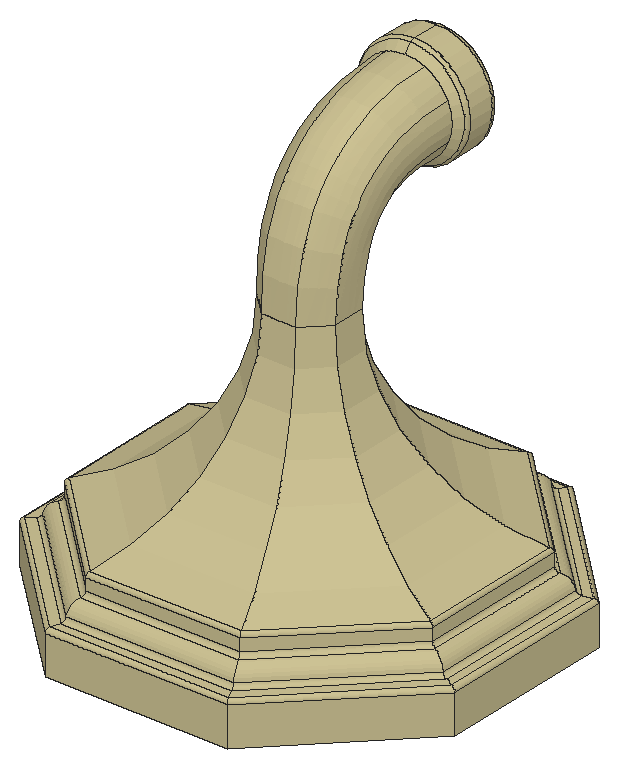
Revit family "Accessory-Robe_Hook-KALLISTA-For_Town-P31006", category Specialty Equipment, host Face, Revit 2022
Family settings
  Host = Face
  Round Connector Dimension = Use Diameter
  Part Type = Normal
  OmniClass Number = 23.31.25.00
  Cut with Voids When Loaded = No
  Maintain Annotation Orientation = No
  Shared = No
  Room Calculation Point = No
Parameters (values of type "ULB-Unlaquered Brass")
  Width = 2 177/256"  # constant formula
  WaterSense Certified = 1 = 0  # no
  URL = "https://www.kallista.com/"
  Type = 4
  Product Page URL = ""
  Product Name = "For Town"  # constant formula
  Product Documentation Link = "https://techcomm.kohler.com/techcomm/pdf/P31006-00_spec_US-CA_Kallista_en.pdf"
  Model = if(Type = 1, "P31006-00-AD", if(Type = 2, "P31006-00-CP", if(Type = 3, "P31006-00-AG", if(Type = 4, "P31006-00-ULB", "NA"))))  # "P31006-00-ULB"
  Material = "Premium Metal Construction"  # constant formula
  Master Format 2014 Name = "Toilet, Bath, and Laundry Accessories"  # constant formula
  Master Format 2014 = "10 28 00"  # constant formula
  Manufacturer Address = "444 Highland Dr, Kohler, WI 53044"  # constant formula
  Manufacturer = "Kallista Co."  # constant formula
  Length = 2 153/256"  # constant formula
  Height = 2 153/256"  # constant formula
  Finish = Kallista-Metal-ULB-Unlaquered_Brass
  Environmental Product Declaration = ""
  Description = "Hook"  # constant formula
  Default Elevation = 42"
  Declare Label = ""
  Date Modified = "05/18/2025"  # constant formula
  Date Created = "05/18/2025"  # constant formula
  Copyright = "Copyright Kallista Co."  # constant formula
  Contact Us = "https://www.kallista.com/corporate/contact-us/"
  Assembly Code = "C1030200"
  ADA Compliant = 1 = 0  # no
Types (5): name | Type | Product Page URL | Model | Finish
  (no name) | 4 | "" | "P31006-00-ULB" | Kallista-Metal-ULB-Unlaquered_Brass
  AD-Nickel Silver | 1 | "https://www.kallista.com/products/luxury-bathroom/accessories/hooks/for-town-hook-p31006-00/ad-nickel-silver" | "P31006-00-AD" | Kallista-Metal-AD-Nickel_Silver
  CP-Chrome | 2 | "https://www.kallista.com/products/luxury-bathroom/accessories/hooks/for-town-hook-p31006-00/cp-polished-chrome" | "P31006-00-CP" | Kallista-Metal-CP-Chrome
  AG-Brushed Nickel | 3 | "" | "P31006-00-AG" | Kallista-Metal-AG-Brushed_Nickel
  ULB-Unlaquered Brass | 4 | "" | "P31006-00-ULB" | Kallista-Metal-ULB-Unlaquered_Brass
Reference planes (in)
  plane 1 "Center (Front/Back)": y = 0
  plane 2: z = 0
  plane 3 "Center (Left/Right)": x = 0
  plane 4: x = -1.29921
  plane 5: x = 1.29844
  plane 6: y = 1.29844
  plane 7: y = -1.29921
  plane 8: through (-0.23584, 0.06265, 48) normal (0.9999, 0.0144, 0)
  plane 9: through (0.23703, 0.07049, 48) normal (0.9998, 0.0188, 0)
  plane 10: z = 2.69141
  plane 11: z = 2.3622
Dimensions and locks (in)
  "Height": plane 7 to plane 6
  "Length": plane 4 to plane 5
  "Width": plane 10 to level
  plane 11 to level = 2.3622"
  plane 1 "Center (Front/Back)" to plane 7 = 1.29921"
  plane 6 to plane 7 = 2 153/256"
  plane 1 "Center (Front/Back)" to plane 6 = 1.29844"
  aligned and locked: plane 2 to host face
  aligned and locked: level to host face
Automatic sketch dimensions
  host sketch curve to host sketch curve = 96"  (x2)
Nested families (in)
  nested 1: "P31006" at (0, 0, 0) x (1, 0, 0) z (0, 1, 0), type "P31006"
Definition of nested family "P31006"
  Parameters
    Material = none
    Default Elevation = 48"
  Reference planes (in)
    plane 1 "Center (Front/Back)": y = 0
    plane 2: z = 0
    plane 3 "Center (Left/Right)": x = 0
    plane 4: x = -1.29921
    plane 5: x = 1.29921
    plane 6: z = 1.29921
    plane 7: z = -1.29921
    plane 8: y = -2.69291
    plane 9: y = -2.3622
    plane 10: x = 0
  Forms (in)
    Sweep 1, solid, material <- "Material", detail levels medium+fine
      path origin (0, 0, 0) x (1, 0, 0) y (0, 0, 1)
        loop
          line (-1.29921, 0.54134) -> (-1.29921, -0.54051) -> (-0.54051, -1.29921) -> (0.54524, -1.29921) -> (1.29921, -0.54524) -> (1.29921, 0.52679) -> (0.52679, 1.29921) -> (-0.54134, 1.29921) -> (-1.29921, 0.54134)
      profile origin (1.29921, 0, -0.00923) x (0, -1, 0) y (1, 0, 0)
        loop
          line (0, 0) -> (0, -1.13945) -> (1.63015, -1.13945) -> (1.63015, -1.06283)
          arc (1.63015, -1.06283) -> (0.9271, -0.82573) -> (0.49958, -0.21933) r 1.19479
          arc (0.49958, -0.21933) -> (0.48927, -0.20479) -> (0.47235, -0.19922) r 0.02849
          line (0.47235, -0.19922) -> (0.40043, -0.19922)
          arc (0.40043, -0.19922) -> (0.3812, -0.19246) -> (0.37042, -0.17515) r 0.03074
          arc (0.37042, -0.17515) -> (0.34151, -0.12542) -> (0.28921, -0.10147) r 0.09503
          arc (0.28921, -0.10147) -> (0.2717, -0.09279) -> (0.2635, -0.07506) r 0.02941
          line (0.2635, -0.07506) -> (0.2586, -0.02345)
          arc (0.2586, -0.02345) -> (0.25024, -0.00674) -> (0.23281, 0) r 0.0259
          line (0.23281, 0) -> (0, 0)
    SweptBlend 2, solid, material <- "Material"
      path origin (0, 0, 0) x (0, 1, 0) y (0, 0, 1)
        loop
          spline (-1.63015, 0.00041) -> (-1.74674, 0.00526) -> (-1.85319, 0.01996) -> (-1.9495, 0.04449) -> (-2.03567, 0.07886) -> (-2.11171, 0.12308) -> (-2.1776, 0.17713) -> (-2.23336, 0.24103) -> (-2.27899, 0.31477) -> (-2.31447, 0.39834) -> (-2.33981, 0.49176) -> (-2.35502, 0.59502) -> (-2.36009, 0.70812)
      profile origin (0, -1.63015, 0.00041) x (0, 0.000566, -1) y (1, 0, 0)
        loop
          line (-0.08613, 0.23638) -> (-0.23596, 0.08655) -> (-0.23596, -0.1011) -> (-0.10068, -0.23638) -> (0.10068, -0.23638) -> (0.23679, -0.10027) -> (0.23679, 0.105) -> (0.10541, 0.23638) -> (-0.08613, 0.23638)
      end profile origin (0, -2.36009, 0.70812) x (0, -1, 0) y (1, 0, 0)
        loop
          arc (-0.10286, -0.25787) -> (0.03431, -0.2755) -> (0.16296, -0.22477) r 0.27763
          arc (0.16296, -0.22477) -> (0.21562, -0.17489) -> (0.25356, -0.11307) r 0.27763
          arc (0.25356, -0.11307) -> (0.27762, 0.00174) -> (0.25212, 0.11624) r 0.27763
          arc (0.25212, 0.11624) -> (0.19671, 0.19592) -> (0.11725, 0.25165) r 0.27763
          arc (0.11725, 0.25165) -> (0.00468, 0.27759) -> (-0.1087, 0.25547) r 0.27763
          arc (-0.1087, 0.25547) -> (-0.18863, 0.2037) -> (-0.24638, 0.12797) r 0.27763
          arc (-0.24638, 0.12797) -> (-0.27728, -0.01397) -> (-0.23226, -0.15209) r 0.27763
          arc (-0.23226, -0.15209) -> (-0.17571, -0.21495) -> (-0.10286, -0.25787) r 0.27763
    Revolve 3, solid, material <- "Material", detail levels medium+fine
      sketch origin (0, 0, 0) x (0, 1, 0) y (0, 0, 1)
        loop
          line (-2.36009, 0.70197) -> (-2.36009, 1.13216) -> (-2.67537, 0.97217)
          arc (-2.67537, 0.97217) -> (-2.68818, 0.96036) -> (-2.69291, 0.94359) r 0.03205
          line (-2.69291, 0.94359) -> (-2.69291, 0.77982)
          arc (-2.69291, 0.77982) -> (-2.68988, 0.76457) -> (-2.68124, 0.75165) r 0.03984
          line (-2.68124, 0.75165) -> (-2.63157, 0.70197) -> (-2.36009, 0.70197)
        axis (-2.36009, 1.13216) -> (-2.36009, 0.70197)
      angle from 0 to 360
    Extrusion 4, solid, material <- "Material", detail levels medium+fine
      sketch origin (0, 0, 0) x (1, 0, 0) y (0, 0, 1)
        loop
          line (0.05481, 0.15976) -> (-0.06936, 0.15976) -> (-0.15976, 0.06936) -> (-0.15976, -0.06854) -> (-0.06854, -0.15976) -> (0.07327, -0.15976) -> (0.15976, -0.07327) -> (0.15976, 0.05481) -> (0.05481, 0.15976)
      from 0 to 1.63015
    Extrusion 5, void
      sketch origin (0, 0, 0) x (1, 0, 0) y (0, 1, 0)
        loop
          circle (0.00089, -0.12479) r 0.06607
      from 1.24928 to 1.34217
    Extrusion 6, solid, detail levels medium+fine
      sketch origin (0, 0, 0) x (1, 0, 0) y (0, 1, 0)
        loop
          circle (0.00089, -0.12479) r 0.06214
        loop
          line (0.00089, -0.16584) -> (0.03643, -0.14532) -> (0.03643, -0.10427) -> (0.00089, -0.08375) -> (-0.03466, -0.10427) -> (-0.03466, -0.14532) -> (0.00089, -0.16584)
      from 1.24928 to 1.29921
    Sweep 7, solid, material <- "Material", detail levels coarse
      path origin (0, 0, 0) x (1, 0, 0) y (0, 0, 1)
        loop
          line (-1.29921, 0.54134) -> (-1.29921, -0.54051) -> (-0.54051, -1.29921) -> (0.54524, -1.29921) -> (1.29921, -0.54524) -> (1.29921, 0.52679) -> (0.52679, 1.29921) -> (-0.54134, 1.29921) -> (-1.29921, 0.54134)
      profile origin (1.29921, 0, -0.00923) x (0, -1, 0) y (1, 0, 0)
        loop
          line (0, 0) -> (0, -1.13945) -> (1.63015, -1.13945) -> (1.63015, -1.06283) -> (0.48186, -0.19922) -> (0.37443, -0.19922) -> (0.37443, -0.10134) -> (0.2635, -0.10134) -> (0.2635, 0) -> (0, 0)
    Revolve 8, solid, material <- "Material", detail levels coarse
      sketch origin (0, 0, 0) x (0, 1, 0) y (0, 0, 1)
        loop
          line (-2.36009, 0.70197) -> (-2.36009, 1.13216) -> (-2.41834, 1.12056) -> (-2.69291, 0.96204) -> (-2.69291, 0.76332) -> (-2.63157, 0.70197) -> (-2.36009, 0.70197)
        axis (-2.36009, 1.13216) -> (-2.36009, 0.70197)
      angle from 0 to 360
  Cuts and joins
    Extrusion 5 cuts Sweep 1
    joined: Sweep 1, Extrusion 4
  Lines and regions (in)
    Masking region 1
      outline origin (0, 0, 0) x (1, 0, 0) y (0, 1, 0)
        loop
          arc (0.23638, -1.63019) -> (0.47347, -0.92712) -> (1.07988, -0.49958) r 1.19479
          arc (1.07988, -0.49958) -> (1.09442, -0.48927) -> (1.1, -0.47235) r 0.02849
          line (1.1, -0.47235) -> (1.1, -0.40043)
          arc (1.1, -0.40043) -> (1.10675, -0.3812) -> (1.12406, -0.37042) r 0.03074
          arc (1.12406, -0.37042) -> (1.17379, -0.34151) -> (1.19774, -0.28921) r 0.09503
          arc (1.19774, -0.28921) -> (1.20642, -0.2717) -> (1.22416, -0.2635) r 0.02941
          line (1.22416, -0.2635) -> (1.27576, -0.2586)
          arc (1.27576, -0.2586) -> (1.29247, -0.25024) -> (1.29921, -0.23281) r 0.0259
          line (1.29921, -0.23281) -> (1.29921, 0) -> (-1.29921, 0) -> (-1.29921, -0.23281)
          arc (-1.29921, -0.23281) -> (-1.29247, -0.25024) -> (-1.27576, -0.2586) r 0.0259
          line (-1.27576, -0.2586) -> (-1.22416, -0.2635)
          arc (-1.22416, -0.2635) -> (-1.20642, -0.2717) -> (-1.19774, -0.28921) r 0.02941
          arc (-1.19774, -0.28921) -> (-1.17379, -0.34151) -> (-1.12406, -0.37042) r 0.09503
          arc (-1.12406, -0.37042) -> (-1.10675, -0.3812) -> (-1.1, -0.40043) r 0.03074
          line (-1.1, -0.40043) -> (-1.1, -0.47235)
          arc (-1.1, -0.47235) -> (-1.09442, -0.48927) -> (-1.07988, -0.49958) r 0.02849
          arc (-1.07988, -0.49958) -> (-0.47347, -0.92712) -> (-0.23638, -1.63019) r 1.19479
          line (-0.23638, -1.63019) -> (-0.24528, -2.14038)
          arc (-0.24528, -2.14038) -> (0, -2.69291) -> (0.24528, -2.14038) r 0.33071
          line (0.24528, -2.14038) -> (0.23638, -1.63019)
    Masking region 2
      outline origin (0, 0, 0) x (1, 0, 0) y (0, 0, 1)
        loop
          line (-1.29921, 0.54134) -> (-1.29921, -0.54051) -> (-0.54051, -1.29921) -> (0.54524, -1.29921) -> (1.29921, -0.54524) -> (1.29921, 0.52679) -> (0.52679, 1.29921) -> (-0.54134, 1.29921) -> (-1.29921, 0.54134)
    Masking region 3
      outline origin (0, 0, 0) x (0, 1, 0) y (0, 0, 1)
        loop
          arc (-1.63015, 0.23638) -> (-1.81488, 0.26327) -> (-1.98275, 0.34494) r 0.60801
          arc (-1.98275, 0.34494) -> (-2.0741, 0.51514) -> (-2.08246, 0.70812) r 0.43358
          line (-2.08246, 0.70812) -> (-2.04079, 0.7498)
          arc (-2.04079, 0.7498) -> (-2.03093, 0.76454) -> (-2.02747, 0.78194) r 0.04546
          line (-2.02747, 0.78194) -> (-2.02747, 0.94383)
          arc (-2.02747, 0.94383) -> (-2.03228, 0.96088) -> (-2.04529, 0.9729) r 0.03263
          line (-2.04529, 0.9729) -> (-2.29979, 1.10258)
          arc (-2.29979, 1.10258) -> (-2.36008, 1.11705) -> (-2.42038, 1.10258) r 0.13281
          line (-2.42038, 1.10258) -> (-2.67488, 0.9729)
          arc (-2.67488, 0.9729) -> (-2.68788, 0.96088) -> (-2.69269, 0.94383) r 0.03263
          line (-2.69269, 0.94383) -> (-2.69269, 0.78194)
          arc (-2.69269, 0.78194) -> (-2.68923, 0.76454) -> (-2.67938, 0.7498) r 0.04546
          line (-2.67938, 0.7498) -> (-2.6377, 0.70812)
          spline (-2.6377, 0.70812) -> (-2.62841, 0.56977) -> (-2.60589, 0.43791) -> (-2.56878, 0.31291) -> (-2.51577, 0.19608) -> (-2.44599, 0.08923) -> (-2.36031, -0.00465) -> (-2.26034, -0.08277) -> (-2.14905, -0.14426) -> (-2.02931, -0.18905) -> (-1.90249, -0.21836) -> (-1.76939, -0.23369) -> (-1.63001, -0.23638)
          arc (-1.63001, -0.23638) -> (-0.92705, -0.47352) -> (-0.49958, -1.07988) r 1.19479
          arc (-0.49958, -1.07988) -> (-0.48927, -1.09442) -> (-0.47235, -1.1) r 0.02849
          line (-0.47235, -1.1) -> (-0.40043, -1.1)
          arc (-0.40043, -1.1) -> (-0.3812, -1.10675) -> (-0.37042, -1.12406) r 0.03074
          arc (-0.37042, -1.12406) -> (-0.34151, -1.17379) -> (-0.28921, -1.19774) r 0.09503
          arc (-0.28921, -1.19774) -> (-0.2717, -1.20642) -> (-0.2635, -1.22416) r 0.02941
          line (-0.2635, -1.22416) -> (-0.2586, -1.27576)
          arc (-0.2586, -1.27576) -> (-0.25024, -1.29247) -> (-0.23281, -1.29921) r 0.0259
          line (-0.23281, -1.29921) -> (0, -1.29921) -> (0, 1.29921) -> (-0.23281, 1.29921)
          arc (-0.23281, 1.29921) -> (-0.25024, 1.29247) -> (-0.2586, 1.27576) r 0.0259
          line (-0.2586, 1.27576) -> (-0.2635, 1.22416)
          arc (-0.2635, 1.22416) -> (-0.27243, 1.20569) -> (-0.29126, 1.19756) r 0.02941
          spline (-0.29126, 1.19756) -> (-0.30088, 1.19544) -> (-0.31022, 1.19243) -> (-0.31918, 1.18859) -> (-0.32769, 1.18393) -> (-0.33564, 1.17851) -> (-0.34297, 1.17239) -> (-0.3496, 1.16562) -> (-0.35545, 1.15827) -> (-0.36048, 1.15043) -> (-0.36463, 1.14216) -> (-0.36785, 1.13355) -> (-0.37028, 1.12472)
          arc (-0.37028, 1.12472) -> (-0.38093, 1.10697) -> (-0.40043, 1.1) r 0.03074
          line (-0.40043, 1.1) -> (-0.47341, 1.1)
          spline (-0.47341, 1.1) -> (-0.47635, 1.09967) -> (-0.47923, 1.09907) -> (-0.48204, 1.0982) -> (-0.48473, 1.09707) -> (-0.48729, 1.0957) -> (-0.48968, 1.09409) -> (-0.49188, 1.09227) -> (-0.49387, 1.09025) -> (-0.49562, 1.08805) -> (-0.49712, 1.0857) -> (-0.49835, 1.08322) -> (-0.49934, 1.08065)
          arc (-0.49934, 1.08065) -> (-0.92678, 0.47372) -> (-1.63015, 0.23638) r 1.19479
    symbolic lines, detail levels medium+fine
      curve 1: spline (-0.45152, -0.50126, 0) -> (-0.404, -0.5392, 0) -> (-0.35833, -0.59011, 0) -> (-0.31503, -0.65342, 0) -> (-0.27459, -0.7284, 0) -> (-0.23747, -0.81421, 0) -> (-0.2041, -0.90985, 0) -> (-0.17486, -1.01424, 0) -> (-0.15007, -1.12619, 0) -> (-0.13003, -1.24442, 0) -> (-0.11496, -1.36759, 0) -> (-0.10503, -1.49428, 0) -> (-0.10036, -1.62306, 0)
      curve 2: spline (0.08585, -1.62216, 0) -> (0.0909, -1.49344, 0) -> (0.10114, -1.36682, 0) -> (0.11645, -1.24372, 0) -> (0.13667, -1.12556, 0) -> (0.16157, -1.01369, 0) -> (0.19085, -0.90938, 0) -> (0.22419, -0.81381, 0) -> (0.26121, -0.72809, 0) -> (0.30148, -0.65317, 0) -> (0.34454, -0.58993, 0) -> (0.38991, -0.53907, 0) -> (0.43707, -0.50119, 0)
      curve 3: line (-0.10036, -1.62306, 0) -> (-0.13078, -2.05806, 0)
      curve 4: line (0.12373, -2.05511, 0) -> (0.08585, -1.62216, 0)
      curve 5: line (-0.45882, -0.39895, 0) -> (-0.45882, -0.47321, 0)
      curve 6: spline (-0.46873, -0.37053, 0) -> (-0.46744, -0.37131, 0) -> (-0.46619, -0.37246, 0) -> (-0.465, -0.37395, 0) -> (-0.46388, -0.37577, 0) -> (-0.46284, -0.3779, 0) -> (-0.4619, -0.38032, 0) -> (-0.46107, -0.38299, 0) -> (-0.46036, -0.38589, 0) -> (-0.45977, -0.38897, 0) -> (-0.45931, -0.3922, 0) -> (-0.45899, -0.39554, 0) -> (-0.45882, -0.39895, 0)
      curve 7: spline (-0.49915, -0.29224, 0) -> (-0.49818, -0.30184, 0) -> (-0.49686, -0.31115, 0) -> (-0.4952, -0.32009, 0) -> (-0.49322, -0.32855, 0) -> (-0.49093, -0.33645, 0) -> (-0.48836, -0.34371, 0) -> (-0.48553, -0.35027, 0) -> (-0.48247, -0.35604, 0) -> (-0.47922, -0.36098, 0) -> (-0.47581, -0.36503, 0) -> (-0.47226, -0.36816, 0) -> (-0.46863, -0.37032, 0)
      curve 8: spline (-0.51025, -0.26357, 0) -> (-0.50883, -0.264, 0) -> (-0.50745, -0.26487, 0) -> (-0.50611, -0.26617, 0) -> (-0.50485, -0.26787, 0) -> (-0.50367, -0.26996, 0) -> (-0.5026, -0.27241, 0) -> (-0.50165, -0.27517, 0) -> (-0.50084, -0.27821, 0) -> (-0.50017, -0.28149, 0) -> (-0.49967, -0.28495, 0) -> (-0.49932, -0.28855, 0) -> (-0.49915, -0.29224, 0)
      curve 9: line (-1.29921, -0.23281, 0) -> (1.29921, -0.23281, 0)
      curve 10: line (-1.19767, -0.28919, 0) -> (1.19767, -0.28919, 0)
      curve 11: line (0.44427, -0.4738, 0) -> (0.44427, -0.39905, 0)
      curve 12: spline (0.44427, -0.39905, 0) -> (0.44445, -0.39561, 0) -> (0.44477, -0.39225, 0) -> (0.44523, -0.389, 0) -> (0.44582, -0.3859, 0) -> (0.44654, -0.38299, 0) -> (0.44738, -0.3803, 0) -> (0.44833, -0.37787, 0) -> (0.44937, -0.37573, 0) -> (0.4505, -0.37391, 0) -> (0.45169, -0.37241, 0) -> (0.45294, -0.37128, 0) -> (0.45423, -0.37051, 0)
      curve 13: spline (0.45414, -0.37029, 0) -> (0.45797, -0.36805, 0) -> (0.4617, -0.3648, 0) -> (0.46526, -0.36057, 0) -> (0.46863, -0.35542, 0) -> (0.47176, -0.34941, 0) -> (0.47463, -0.34258, 0) -> (0.47721, -0.33502, 0) -> (0.47946, -0.3268, 0) -> (0.48137, -0.31802, 0) -> (0.48291, -0.30877, 0) -> (0.48406, -0.29914, 0) -> (0.48482, -0.28923, 0)
      curve 14: arc (-0.45882, -0.47321, 0) -> (-0.45696, -0.48771, 0) -> (-0.45152, -0.50126, 0) r 0.05752
      curve 15: arc (0.43707, -0.50119, 0) -> (0.44244, -0.48796, 0) -> (0.44427, -0.4738, 0) r 0.0557
      curve 16: arc (-0.54015, -0.23281, 0) -> (-0.53044, -0.25329, 0) -> (-0.51025, -0.26357, 0) r 0.03511
      curve 17: arc (0.48482, -0.28923, 0) -> (0.48804, -0.27541, 0) -> (0.49577, -0.2635, 0) r 0.04118
      curve 18: line (-0.54015, -0.23281, 0) -> (-0.54015, 0.00002, 0)
      curve 19: line (0.52679, -0.23281, 0) -> (0.52679, 0, 0)
      curve 20: arc (0.49577, -0.2635, 0) -> (0.51768, -0.25463, 0) -> (0.52679, -0.23281, 0) r 0.03069
      curve 21: arc (-0.24528, -2.14038, 0) -> (0, -2.03102, 0) -> (0.24528, -2.14038, 0) r 0.32974
      curve 22: line (0.02657, -1.62178, 0) -> (0.40479, -0.45173, 0)
      curve 23: line (0.07797, -2.04037, 0) -> (0.02657, -1.62178, 0)
      curve 24: line (-0.41939, -0.45171, 0) -> (-0.04122, -1.62241, 0)
      curve 25: line (-0.04122, -1.62241, 0) -> (-0.07778, -2.04032, 0)
      curve 26: line (-1.12403, -0.37025, 0) -> (1.12403, -0.37025, 0)
      curve 27: line (-1.09992, -0.40042, 0) -> (1.1, -0.40043, 0)
      curve 28: line (-1.1, -0.47235, 0) -> (1.09998, -0.47235, 0)
      curve 29: line (-1.0804, -0.50179, 0) -> (1.0804, -0.50179, 0)
      curve 30: line (-1.27333, -0.23281, 0) -> (-1.27333, 0, 0)
      curve 31: line (1.23995, -0.23281, 0) -> (1.23995, 0, 0)
      curve 32: line (-0.41939, -0.45171, 0) -> (-0.41939, -0.37025, 0)
      curve 33: line (-0.41939, -0.37025, 0) -> (-0.44111, -0.28919, 0)
      curve 34: line (-0.44111, -0.28919, 0) -> (-0.44111, -0.23281, 0)
      curve 35: line (0.40479, -0.45173, 0) -> (0.40479, -0.37025, 0)
      curve 36: line (0.40479, -0.37025, 0) -> (0.4343, -0.28919, 0)
      curve 37: line (0.4343, -0.28919, 0) -> (0.4343, -0.23281, 0)
      curve 38: line (-0.44111, -0.23281, 0) -> (-0.44111, 0, 0)
      curve 39: line (0.4343, -0.23281, 0) -> (0.4343, 0, 0)
      curve 40: arc (1.0804, -0.50179, 0) -> (0.44614, -0.91481, 0) -> (0.19883, -1.63015, 0) r 1.16664
      curve 41: line (0.19883, -1.63015, 0) -> (0.20555, -2.10293, 0)
      curve 42: line (1.0804, -0.50179, 0) -> (-1.0804, -0.50179, 0)
      curve 43: arc (-1.0804, -0.50179, 0) -> (-0.44614, -0.91481, 0) -> (-0.19883, -1.63015, 0) r 1.16664
      curve 44: line (-0.19883, -1.63015, 0) -> (-0.20555, -2.10293, 0)
      curve 45: line (1.0431, -0.50179, 0) -> (1.0431, -0.37025, 0)
      curve 46: line (1.12403, -0.37025, 0) -> (1.12403, -0.23281, 0)
      curve 47: line (-1.02319, -0.50179, 0) -> (-1.02319, -0.37025, 0)
      curve 48: line (-1.12403, -0.37025, 0) -> (-1.12403, -0.23281, 0)
      curve 49: circle (0, -0.11864, 0) r 0.08187 normal (0, 0, 1)
      curve 50: circle (0, -0.1142, 0) r 0.04858 normal (0, 0, 1)
      curve 51: circle (0, -2.36076, 0) r 0.31759 normal (0, 0, 1)
      curve 52: line (-0.49242, 0, 1.1811) -> (-1.1811, 0, 0.49242)
      curve 53: line (-1.1811, 0, 0.49242) -> (-1.1811, 0, -0.49159)
      curve 54: line (-1.1811, 0, -0.49159) -> (-0.49159, 0, -1.1811)
      curve 55: line (-0.49159, 0, -1.1811) -> (0.49632, 0, -1.1811)
      curve 56: line (0.49632, 0, -1.1811) -> (1.1811, 0, -0.49632)
      curve 57: line (1.1811, 0, -0.49632) -> (1.1811, 0, 0.47786)
      curve 58: line (1.1811, 0, 0.47786) -> (0.47786, 0, 1.1811)
      curve 59: line (0.47786, 0, 1.1811) -> (-0.49242, 0, 1.1811)
      curve 60: line (-0.46795, 0, 1.12205) -> (-1.12205, 0, 0.46795)
      curve 61: line (-1.12205, 0, 0.46795) -> (-1.12205, 0, -0.46713)
      curve 62: line (-1.12205, 0, -0.46713) -> (-0.46713, 0, -1.12205)
      curve 63: line (-0.46713, 0, -1.12205) -> (0.47186, 0, -1.12205)
      curve 64: line (0.47186, 0, -1.12205) -> (1.12205, 0, -0.47186)
      curve 65: line (1.12205, 0, -0.47186) -> (1.12205, 0, 0.4534)
      curve 66: line (1.12205, 0, 0.4534) -> (0.4534, 0, 1.12205)
      curve 67: line (0.4534, 0, 1.12205) -> (-0.46795, 0, 1.12205)
      curve 68: line (-0.53318, 0, 1.27953) -> (-1.27953, 0, 0.53318)
      curve 69: line (0.51863, 0, 1.27953) -> (-0.53318, 0, 1.27953)
      curve 70: line (-1.27953, 0, 0.53318) -> (-1.27953, 0, -0.53236)
      curve 71: line (-1.27953, 0, -0.53236) -> (-0.53236, 0, -1.27953)
      curve 72: line (-0.53236, 0, -1.27953) -> (0.53709, 0, -1.27953)
      curve 73: line (0.53709, 0, -1.27953) -> (1.27953, 0, -0.53709)
      curve 74: line (1.27953, 0, -0.53709) -> (1.27953, 0, 0.51863)
      curve 75: line (1.27953, 0, 0.51863) -> (0.51863, 0, 1.27953)
      curve 76: line (-0.50057, 0, 1.20079) -> (-1.20079, 0, 0.50057)
      curve 77: line (-1.20079, 0, 0.50057) -> (-1.20079, 0, -0.49974)
      curve 78: line (-1.20079, 0, -0.49974) -> (-0.49974, 0, -1.20079)
      curve 79: line (-0.49974, 0, -1.20079) -> (0.50447, 0, -1.20079)
      curve 80: line (0.50447, 0, -1.20079) -> (1.20079, 0, -0.50447)
      curve 81: line (1.20079, 0, -0.50447) -> (1.20079, 0, 0.48602)
      curve 82: line (1.20079, 0, 0.48602) -> (0.48602, 0, 1.20079)
      curve 83: line (0.48602, 0, 1.20079) -> (-0.50057, 0, 1.20079)
      curve 84: line (-0.4598, 0, 1.10236) -> (-1.10236, 0, 0.4598)
      curve 85: line (-1.10236, 0, 0.4598) -> (-1.10236, 0, -0.45897)
      curve 86: line (-1.10236, 0, -0.45897) -> (-0.45897, 0, -1.10236)
      curve 87: line (-0.45897, 0, -1.10236) -> (0.4637, 0, -1.10236)
      curve 88: line (0.4637, 0, -1.10236) -> (1.10236, 0, -0.4637)
      curve 89: line (1.10236, 0, -0.4637) -> (1.10236, 0, 0.44525)
      curve 90: line (1.10236, 0, 0.44525) -> (0.44525, 0, 1.10236)
      curve 91: line (0.44525, 0, 1.10236) -> (-0.4598, 0, 1.10236)
      curve 92: line (-0.23584, 0, -0.06265) -> (-0.22477, 0, 0.70812)
      curve 93: line (0.23703, 0, -0.07049) -> (0.25165, 0, 0.70812)
      curve 94: spline (-0.23353, 0, -0.09915) -> (-0.24157, 0, -0.10226) -> (-0.26338, 0, -0.11111) -> (-0.29868, 0, -0.12559) -> (-0.34704, 0, -0.14552) -> (-0.40786, 0, -0.17065) -> (-0.48038, 0, -0.20066) -> (-0.56371, 0, -0.2352) -> (-0.65682, 0, -0.27383) -> (-0.75854, 0, -0.31607) -> (-0.86762, 0, -0.36139) -> (-0.9827, 0, -0.40924) -> (-1.10236, 0, -0.45902)
      curve 95: spline (0.234, 0, -0.104) -> (0.24424, 0, -0.10845) -> (0.26781, 0, -0.11839) -> (0.30443, 0, -0.13369) -> (0.35365, 0, -0.15418) -> (0.4149, 0, -0.17961) -> (0.48742, 0, -0.20966) -> (0.57036, 0, -0.24399) -> (0.66271, 0, -0.28218) -> (0.76336, 0, -0.32377) -> (0.87111, 0, -0.36826) -> (0.98465, 0, -0.41511) -> (1.10264, 0, -0.46377)
      curve 96: arc (0.23703, 0, -0.07049) -> (-0.00332, 0, -0.30248) -> (-0.23584, 0, -0.06265) r 0.23646
      curve 97: line (-0.22477, 0, 0.70812) -> (0.25165, 0, 0.70812)
      curve 98: line (-0.27763, 0, 0.70812) -> (-0.27763, 0, 0.88578)
      curve 99: arc (-0.22554, 0, 0.65438) -> (-0.26247, 0, 0.6707) -> (-0.27763, 0, 0.70812) r 0.05377
      curve 100: line (0.30255, 0, 0.70812) -> (0.30255, 0, 0.88476)
      curve 101: arc (0.25064, 0, 0.65438) -> (0.28745, 0, 0.67077) -> (0.30255, 0, 0.70812) r 0.05377
      curve 102: line (-0.26251, 0, 0.91679) -> (-0.04061, 0, 1.0903)
      curve 103: line (0.28613, 0, 0.91675) -> (0.04188, 0, 1.092)
      curve 104: arc (-0.27763, 0, 0.88578) -> (-0.27365, 0, 0.90303) -> (-0.26251, 0, 0.91679) r 0.03937
      curve 105: arc (0.30255, 0, 0.88476) -> (0.2982, 0, 0.90274) -> (0.28613, 0, 0.91675) r 0.03937
      curve 106: arc (-0.04061, 0, 1.0903) -> (0.00035, 0, 1.10488) -> (0.04188, 0, 1.092) r 0.0688
      curve 107: line (-0.26251, 0, 0.91679) -> (0.28613, 0, 0.91675)
      curve 108: line (0.30255, 0, 0.88476) -> (-0.27763, 0, 0.88578)
      curve 109: line (-0.27763, 0, 0.70812) -> (-0.22477, 0, 0.70812)
      curve 110: line (0.25165, 0, 0.70812) -> (0.30255, 0, 0.70812)
      curve 111: line (-0.27763, 0, 0.72191) -> (0.30255, 0, 0.72191)
      curve 112: line (-0.16445, 0, 0.70812) -> (-0.16445, 0, -0.23538)
      curve 113: line (-0.07183, 0, -0.29114) -> (-0.07183, 0, 0.70812)
      curve 114: line (0.16445, 0, 0.70812) -> (0.16445, 0, -0.23655)
      curve 115: line (0.07183, 0, -0.29153) -> (0.07183, 0, 0.70812)
      curve 116: line (-1.10236, 0, -0.45897) -> (-0.16445, 0, -0.23538)
      curve 117: line (0.16445, 0, -0.23655) -> (1.10236, 0, -0.4637)
      curve 118: line (-0.45897, 0, -1.10236) -> (-0.13542, 0, -0.25947)
      curve 119: line (-0.02696, 0, -0.3009) -> (-0.45897, 0, -1.10236)
      curve 120: line (0.4637, 0, -1.10236) -> (0.11918, 0, -0.27063)
      curve 121: line (0.4637, 0, -1.10236) -> (0.03692, 0, -0.29971)
      curve 122: line (-1.10236, 0, 0.4598) -> (-0.23494, 0, 0)
      curve 123: line (-1.10236, 0, 0.4598) -> (-0.23288, 0, 0.14333)
      curve 124: line (1.10236, 0, 0.44525) -> (0.23835, 0, 0)
      curve 125: line (1.10236, 0, 0.44525) -> (0.24114, 0, 0.14871)
      curve 126: line (-0.4598, 0, 1.10236) -> (-0.22874, 0, 0.43132)
      curve 127: line (-0.4598, 0, 1.10236) -> (-0.27763, 0, 0.79695)
      curve 128: line (0.44525, 0, 1.10236) -> (0.24674, 0, 0.44674)
      curve 129: line (0.44525, 0, 1.10236) -> (0.30255, 0, 0.8552)
      curve 130: line (-1.06188, 0, 0.50028) -> (-1.13148, 0, 0.56988)
      curve 131: line (-1.10236, 0, 0.35285) -> (-1.20079, 0, 0.35285)
      curve 132: line (-0.51096, 0, 1.0512) -> (-0.58056, 0, 1.1208)
      curve 133: line (-0.36626, 0, 1.10236) -> (-0.36626, 0, 1.20079)
      curve 134: line (0.36467, 0, 1.10236) -> (0.36467, 0, 1.20079)
      curve 135: line (0.50835, 0, 1.03927) -> (0.57794, 0, 1.10886)
      curve 136: line (1.03336, 0, 0.51425) -> (1.10296, 0, 0.58385)
      curve 137: line (1.10236, 0, 0.31442) -> (1.20079, 0, 0.31442)
      curve 138: line (1.10236, 0, -0.34535) -> (1.20079, 0, -0.34535)
      curve 139: line (1.04361, 0, -0.52246) -> (1.11321, 0, -0.59205)
      curve 140: line (0.55678, 0, -1.00929) -> (0.62637, 0, -1.07889)
      curve 141: line (0.35104, 0, -1.10236) -> (0.35104, 0, -1.20079)
      curve 142: line (-0.34444, 0, -1.10236) -> (-0.34444, 0, -1.20079)
      curve 143: line (-0.55441, 0, -1.00692) -> (-0.62401, 0, -1.07652)
      curve 144: line (-1.03249, 0, -0.52884) -> (-1.10209, 0, -0.59844)
      curve 145: line (-1.10236, 0, -0.31496) -> (-1.20079, 0, -0.31496)
      curve 146: spline (0, -1.62936, 0.10028) -> (0, -1.50018, 0.10505) -> (0, -1.37302, 0.11506) -> (0, -1.24935, 0.13018) -> (0, -1.13058, 0.15025) -> (0, -1.01808, 0.17503) -> (0, -0.91314, 0.20423) -> (0, -0.81695, 0.23753) -> (0, -0.73062, 0.27455) -> (0, -0.65514, 0.31485) -> (0, -0.59138, 0.35797) -> (0, -0.54007, 0.40343) -> (0, -0.50179, 0.4507)
      curve 147: spline (0, -1.63104, -0.09942) -> (0, -1.5017, -0.10379) -> (0, -1.37438, -0.11346) -> (0, -1.25053, -0.12832) -> (0, -1.13158, -0.1482) -> (0, -1.01891, -0.17287) -> (0, -0.91379, -0.20205) -> (0, -0.81744, -0.2354) -> (0, -0.73097, -0.27253) -> (0, -0.65537, -0.31303) -> (0, -0.59151, -0.35643) -> (0, -0.54012, -0.40222) -> (0, -0.50179, -0.44988)
      curve 148: line (0, -1.63104, -0.09942) -> (0, -2.52305, 0.70812)
      curve 149: line (0, -1.62936, 0.10028) -> (0, -2.25723, 0.70812)
      curve 150: line (0, -2.6377, 0.70812) -> (0, -2.08246, 0.70812)
      curve 151: line (0, -0.23281, 1.29929) -> (0, -0.23281, -1.29921)
      curve 152: line (0, -0.28919, -1.19767) -> (0, -0.28923, 1.19789)
      curve 153: line (0, -0.37025, 1.12403) -> (0, -0.37025, -1.12403)
      curve 154: line (0, -0.40042, 1.09992) -> (0, -0.40043, -1.1)
      curve 155: line (0, -0.47235, -1.1) -> (0, -0.47235, 1.1)
      curve 156: line (0, -0.50179, 1.08039) -> (0, -0.50179, -1.08039)
      curve 157: line (0, -1.6291, 0.02121) -> (0, -2.33581, 0.70812)
      curve 158: line (0, -1.63668, -0.01853) -> (0, -2.44096, 0.70812)
      curve 159: line (0, -1.6291, 0.02121) -> (0, -0.50179, 0.38749)
      curve 160: line (0, -1.63668, -0.01853) -> (0, -0.50179, -0.38727)
      curve 161: line (0, -1.63028, 0.23638) -> (0, -1.63028, -0.23638)
      curve 162: line (0, -1.98275, 0.34494) -> (0, -1.98275, 0.08305)
      curve 163: line (0, -1.98275, 0.01906) -> (0, -1.98275, -0.2005)
      curve 164: line (0, -2.02747, 0.94383) -> (0, -2.69269, 0.94383)
      curve 165: line (0, -2.04529, 0.9729) -> (0, -2.67488, 0.9729)
      curve 166: line (0, -2.02747, 0.78194) -> (0, -2.69269, 0.78194)
      curve 167: line (0, -2.04079, 0.7498) -> (0, -2.67938, 0.7498)
      curve 168: line (0, -0.50179, 0.4507) -> (0, -0.37025, 0.4507)
      curve 169: line (0, -0.37025, 0.53112) -> (0, -0.23281, 0.53112)
      curve 170: line (0, -0.50179, 0.38749) -> (0, -0.37025, 0.38749)
      curve 171: line (0, -0.37025, 0.34494) -> (0, -0.23281, 0.34494)
      curve 172: line (0, -0.50179, -0.38727) -> (0, -0.37025, -0.38727)
      curve 173: line (0, -0.37025, -0.33703) -> (0, -0.23281, -0.33703)
      curve 174: line (0, -0.50179, -0.44988) -> (0, -0.37025, -0.44988)
      curve 175: line (0, -0.37025, -0.50926) -> (0, -0.23281, -0.50926)
      curve 176: line (0, -0.47235, 1.08039) -> (0, -0.37025, 1.08039)
      curve 177: line (0, -0.28923, 1.15451) -> (0, -0.23281, 1.15451)
      curve 178: line (0, -0.47235, -1.08039) -> (0, -0.37025, -1.08039)
      curve 179: line (0, -0.28919, -1.15414) -> (0, -0.23281, -1.15414)
      curve 180: line (0, -0.25851, 1.27575) -> (0, 0, 1.27575)
      curve 181: line (0, -0.25851, -1.27575) -> (0, 0, -1.27575)
      curve 182: line (0, -0.23281, -0.33703) -> (0, 0, -0.33703)
      curve 183: line (0, -0.23281, 0.53112) -> (0, -0.00467, 0.53112)
      curve 184: line (0, -0.23281, -0.50926) -> (0, 0, -0.50926)
      curve 185: line (0, -0.23281, 0.34494) -> (0, 0, 0.34494)
  Dimensions and locks (in)
    aligned and locked: plane 2 to level
